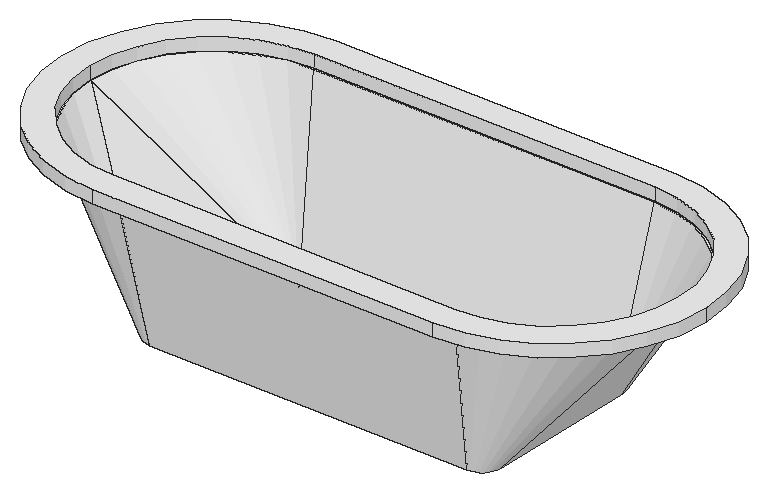
Revit family "NLRS_74_PF_UN_bad_S8B09005000_SPHINX_BCB", category Plumbing Fixtures, Revit 2016
Family settings
  Part Type = Normal
  Round Connector Dimension = Use Radius
  OmniClass Number = 23.45.00.00
  OmniClass Title = Sanitary, Laundry, and Cleaning Equipment
  Work Plane-Based = No
  Always vertical = Yes
  Cut with Voids When Loaded = No
  Shared = No
  Room Calculation Point = No
Parameters (values of type "345 bad 180x85")
  NLRS_C_type = "duobad"  # constant formula
  NLRS_C_serie = "B65"  # constant formula
  radius = 25 mm
  NLRS_C_revit_versie = "2016"
  NLRS_C_content_versie = "2.0"
  NLRS_C_content_provider = "BouwConnect"
  NLRS_C_content_datum_uitgifte = "APR-2018"
  NLRS_C_content_datum_gewijzigd = "APR-2018"
  NLRS_C_content_creator = "BouwConnect"
  NLRS_C_URL_product_data = "http://www.sphinx.nl/producten/baden/rechthoekige-baden/sphinx-b65-%7C-duobad-b65345/30184/#gref"
  NLRS_C_code_artikel = "S8B09005000"
  WFU = 0
  URL = "http://www.sphinx.nl/"
  NLRS_S_gewicht_netto = 27.00 kg  # constant formula
  NLRS_S_gewicht = 27.00 kg
  NLRS_C_materiaal = NLRS_n6_acryl_wit_Sphinx
  NLRS_C_lengte = 1900 mm  # constant formula
  NLRS_C_hoogte = 450 mm  # constant formula
  NLRS_C_diameter_uit = 50 mm  # constant formula
  NLRS_C_diameter_in = 0 mm  # constant formula
  NLRS_C_breedte = 900 mm  # constant formula
  NLRS_C_materiaal_01 = NLRS_h2_staal_Sphinx
  Model = "345 bad 180x85"  # constant formula
  Manufacturer = "Sphinx"  # constant formula
  Keynote = ""
  IfcTypeProduct = "IfcSanitaryTerminalType"  # constant formula
  IfcExportType = "BATH"  # constant formula
  IfcExportAs = "IfcSanitaryTerminalTypeEnum"  # constant formula
  IfcElement = "IfcFlowTerminal"  # constant formula
  NLRS_C_code_EAN = "8711754372818"
  Description = "bad"
  NLRS_C_URL_BCB = "http://bcb-online.nl/?zoekterm=Sphinx+++%5bGeberit+B.V.%5d"
  Assembly Code = ""
Reference planes
  plane 1 "Center (Front/Back)": y = 0
  plane 2: z = 0
  plane 3 "Center (Left/Right)": x = 0
Forms (mm)
  Extrusion 1, solid, material "NLRS_h2_staal_Sphinx" <- "NLRS_C_materiaal_01", detail levels medium+fine
    sketch origin (0.978, -198.084, -449.995) x (1, 0, 0) y (0, 1, 0)
      loop
        circle (899.022, -346.916) r 26
    from -10 to 0
  Extrusion 2, void, detail levels fine
    sketch origin (-50, -263, -449.995) x (1, 0, 0) y (0, 1, 0)
      loop
        circle (950, -282) r 23
    from -20 to 10
  Revolve 3, solid, material "NLRS_h2_staal_Sphinx" <- "NLRS_C_materiaal_01", detail levels fine
    sketch origin (-50, -545, -449.995) x (1, 0, 0) y (0, 0, 1)
      loop
        arc (920.939, 11) -> (907.985, 9.448) -> (895.764, 4.881) r 54.847
        arc (895.764, 4.881) -> (895.444, 4.657) -> (895.194, 4.356) r 1.467
        arc (895.194, 4.356) -> (895.093, 3.653) -> (895.545, 3.106) r 0.878
        arc (895.545, 3.106) -> (896.133, 3.026) -> (896.725, 3) r 6.633
        line (896.725, 3) -> (950, 3) -> (950, 11) -> (920.939, 11)
      axis (950, 3) -> (950, 11)
    angle from 0 to 360
  Extrusion 4, solid, material "NLRS_n6_acryl_wit_Sphinx" <- "NLRS_C_materiaal", detail levels medium+fine
    sketch origin (0, 0, 0) x (1, 0, 0) y (0, 1, 0)
      loop
        arc (80, -425) -> (181.048, -181.048) -> (425, -80) r 345
        line (425, -80) -> (1375, -80)
        arc (1375, -80) -> (1618.952, -181.048) -> (1720, -425) r 345
        line (1720, -425) -> (1800, -425)
        arc (1800, -425) -> (1675.52, -124.48) -> (1375, 0) r 425
        line (1375, 0) -> (425, 0)
        arc (425, 0) -> (124.48, -124.48) -> (0, -425) r 425
        line (0, -425) -> (80, -425)
    from -35 to 0
  Extrusion 5, solid, material "NLRS_n6_acryl_wit_Sphinx" <- "NLRS_C_materiaal", detail levels medium+fine
    sketch origin (0, -850, 0) x (1, 0, 0) y (0, 1, 0)
      loop
        line (80, 425) -> (0, 425)
        arc (0, 425) -> (124.48, 124.48) -> (425, 0) r 425
        line (425, 0) -> (1375, 0)
        arc (1375, 0) -> (1675.52, 124.48) -> (1800, 425) r 425
        line (1800, 425) -> (1720, 425)
        arc (1720, 425) -> (1618.952, 181.048) -> (1375, 80) r 345
        line (1375, 80) -> (425, 80)
        arc (425, 80) -> (181.048, 181.048) -> (80, 425) r 345
    from -35 to 0
  Blend 6, void, detail levels medium+fine
    base sketch origin (0, 0, 0) x (1, 0, 0) y (0, 1, 0)
      loop
        line (407.5, -214) -> (407.5, -636)
        arc (407.5, -636) -> (422.145, -671.355) -> (457.5, -686) r 50
        line (457.5, -686) -> (1342.5, -686)
        arc (1342.5, -686) -> (1377.855, -671.355) -> (1392.5, -636) r 50
        line (1392.5, -636) -> (1392.5, -214)
        arc (1392.5, -214) -> (1377.855, -178.645) -> (1342.5, -164) r 50
        line (1342.5, -164) -> (457.5, -164)
        arc (457.5, -164) -> (422.145, -178.645) -> (407.5, -214) r 50
    top sketch origin (0, 0, 0) x (1, 0, 0) y (0, 1, 0)
      loop
        line (1376, -80) -> (424, -80)
        arc (424, -80) -> (180.755, -180.755) -> (80, -424) r 344
        line (80, -424) -> (80, -425)
        arc (80, -425) -> (181.048, -668.952) -> (425, -770) r 345
        line (425, -770) -> (1375, -770)
        arc (1375, -770) -> (1618.952, -668.952) -> (1720, -425) r 345
        line (1720, -425) -> (1720, -424)
        arc (1720, -424) -> (1619.245, -180.755) -> (1376, -80) r 344
    from -446 to -35
  Blend 7, solid, material "NLRS_n6_acryl_wit_Sphinx" <- "NLRS_C_materiaal", detail levels medium+fine
    base sketch origin (0, 0, 0) x (1, 0, 0) y (0, 1, 0)
      loop
        arc (457.5, -160) -> (419.316, -175.816) -> (403.5, -214) r 54
        line (403.5, -214) -> (403.5, -636)
        arc (403.5, -636) -> (419.316, -674.184) -> (457.5, -690) r 54
        line (457.5, -690) -> (1342.5, -690)
        arc (1342.5, -690) -> (1380.684, -674.184) -> (1396.5, -636) r 54
        line (1396.5, -636) -> (1396.5, -214)
        arc (1396.5, -214) -> (1380.684, -175.816) -> (1342.5, -160) r 54
        line (1342.5, -160) -> (457.5, -160)
    top sketch origin (0, 0, 0) x (1, 0, 0) y (0, 1, 0)
      loop
        line (76, -424) -> (76, -425)
        arc (76, -425) -> (178.22, -671.78) -> (425, -774) r 349
        line (425, -774) -> (1375, -774)
        arc (1375, -774) -> (1621.78, -671.78) -> (1724, -425) r 349
        line (1724, -425) -> (1724, -424)
        arc (1724, -424) -> (1622.073, -177.927) -> (1376, -76) r 348
        line (1376, -76) -> (424, -76)
        arc (424, -76) -> (177.927, -177.927) -> (76, -424) r 348
    from -449.995 to -35
  Extrusion 8, solid, material "NLRS_n6_acryl_wit_Sphinx" <- "NLRS_C_materiaal", detail levels coarse
    sketch origin (0, 0, -449.995) x (1, 0, 0) y (0, 1, 0)
      loop
        arc (425, 0) -> (124.48, -124.48) -> (0, -425) r 425
        arc (0, -425) -> (124.48, -725.52) -> (425, -850) r 425
        line (425, -850) -> (1375, -850)
        arc (1375, -850) -> (1675.52, -725.52) -> (1800, -425) r 425
        arc (1800, -425) -> (1675.52, -124.48) -> (1375, 0) r 425
        line (1375, 0) -> (425, 0)
    from 0 to 450
  Extrusion 9, void, detail levels coarse
    sketch origin (0, 0, -449.995) x (1, 0, 0) y (0, 1, 0)
      loop
        arc (424, -76) -> (177.75, -178.104) -> (76, -424.5) r 348
        arc (76, -424.5) -> (178.043, -671.603) -> (425, -774) r 349
        line (425, -774) -> (1375, -774)
        arc (1375, -774) -> (1621.957, -671.603) -> (1724, -424.5) r 349
        arc (1724, -424.5) -> (1622.25, -178.104) -> (1376, -76) r 348
        line (1376, -76) -> (424, -76)
    from 50 to 500
  Revolve 10, solid, material "NLRS_h2_staal_Sphinx" <- "NLRS_C_materiaal_01", detail levels fine
    sketch origin (-50, -842, -78) x (1, 0, 0) y (0, 1, 0)
      loop
        line (950, 72) -> (950, 102) -> (925, 102)
        arc (925, 102) -> (914.393, 97.607) -> (910, 87) r 15
        line (910, 87) -> (910, 72) -> (950, 72)
      axis (950, 102) -> (950, 72)
    angle from 0 to 360
  Extrusion 11, void
    sketch origin (0, 0, -449.995) x (0, 1, 0) y (0, 0, 1)
      loop
        line (-823.006, 405.076) -> (-802.175, 302.163) -> (-752.189, 312.281) -> (-773.02, 415.194) -> (-823.006, 405.076)
    from 844.704 to 953.394
  Extrusion 12, solid, material "NLRS_n6_acryl_wit_Sphinx" <- "NLRS_C_materiaal", not visible
    sketch origin (0, 0, -449.995) x (1, 0, 0) y (0, 1, 0)
      loop
        circle (900, -545) r 25
    from 0 to 5
Cuts and joins
  Extrusion 2 cuts Extrusion 1
  Extrusion 2 cuts Revolve 3
  Blend 6 cuts Blend 7
  Blend 6, Extrusion 9 cuts Extrusion 8
  Extrusion 9 cuts Extrusion 4
  Extrusion 9 cuts Extrusion 5
  joined: Extrusion 4, Extrusion 5
  Extrusion 11 cuts Revolve 10
Dimensions and locks
  aligned and locked: level to plane 2
Connectors
  piping at (900, -545, -449.995), diameter 50, driven by "WFU", driven by "radius"
    settings: on Extrusion 12, index 1, connector inside diameter 50 mm, connector length 0 mm, flow factor 0, pipe flow 0.0 L/s, pressure drop 0.0 Pa, fitting loss kfactor 0, connector angle 0.00°, fixture units 0, engagement length 0 mm, angle of deflection 0.00°, flow configuration 3, flow direction 2, fitting loss method 0, system type 16, joint type 0, gender type 0, connector reference index -1, connector utility 0, adjustable connector no, is connector primary yes, connector description "out"
